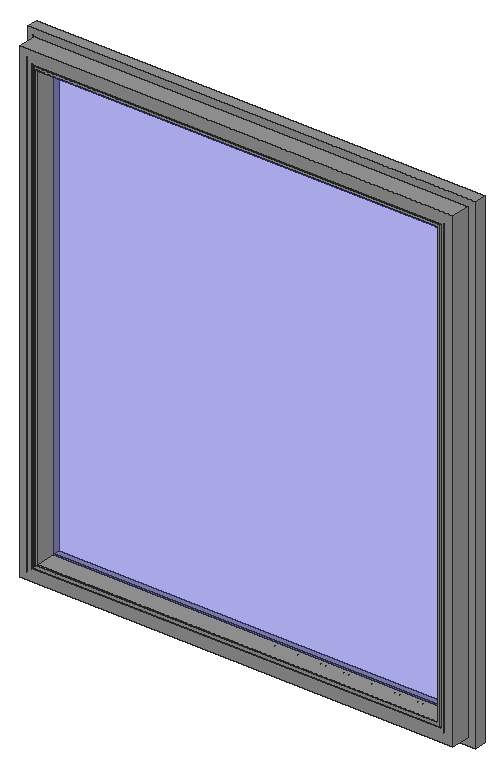
Revit family "Parallel Opening 501.10. 104 - 105", category Windows, Revit 2014
Parameters
  width [instance] = 144.000 cm
  w [instance] = width + 2 * [left/right offset from mullion]  # 147.000 cm
  top/bottom offset from mullion [instance] = 1.500 cm
  left/right offset from mullion [instance] = 1.500 cm
  height [instance] = 158.000 cm
  h [instance] = height + 2 * [top/bottom offset from mullion]  # 161.000 cm
  Opening symbol = no
  Opening angle [instance] = 0.00°
  Glass = none
  Frame = none
Reference planes (cm)
  plane 1 "Center (Front/Right)": y = 0
  plane 2: z = 0
  plane 3 "Center (Left/Right)": x = 0
  plane 4 "Left": x = -72
  plane 5 "Right": x = 72
  plane 6 "Top": z = 158
  plane 7: z = 79
  plane 8: z = 159.5
  plane 9: x = -73.5
  plane 10: x = 73.5
  plane 11: z = -1.5
Lines and regions (cm)
  reference lines
    curve 1: line (0, 0, 159.5) -> (0, 0, -1.5)
    curve 2: line (0, 0, 79) -> (0, 50, 79)
Text (cm)
  text "Exterior" at (-165.4078, 79.7241, 0), in view "Ref. Level"
Dimensions and locks (cm)
  equal spacing: plane 4 "Left", plane 3 "Center (Left/Right)", plane 5 "Right"
  "width": plane 4 "Left" to plane 5 "Right"
  equal spacing: plane 6 "Top", plane 7, plane 2
  "height": plane 6 "Top" to plane 2
  "top/bottom offset from mullion": plane 8 to plane 6 "Top"
  "left/right offset from mullion": plane 9 to plane 4 "Left"
  "left/right offset from mullion": plane 5 "Right" to plane 10
  "top/bottom offset from mullion": plane 2 to plane 11
  "h": curve 1 to curve 1
  equal spacing: curve 1, curve 2, curve 1
  "Opening angle": angle curve 1 to plane 1 "Center (Front/Right)"
  locked: curve 2 to curve 1 (angle 90.00°)
  aligned and locked: level to plane 2
  aligned and locked: plane 3 "Center (Left/Right)" to nested 1
  aligned and locked: plane 7 to nested 1
  aligned and locked: plane 1 "Center (Front/Right)" to nested 1
  aligned and locked: plane 8 to curve 1
  aligned and locked: plane 1 "Center (Front/Right)" to curve 1
  aligned and locked: plane 3 "Center (Left/Right)" to nested 2
  aligned and locked: nested 2 to curve 1
  aligned and locked: nested 2 to curve 2
  aligned and locked: nested 3 to plane 3 "Center (Left/Right)"
  aligned and locked: plane 1 "Center (Front/Right)" to nested 3
  aligned and locked: plane 7 to nested 4
  aligned and locked: nested 4 to plane 1 "Center (Front/Right)"
Nested families (cm)
  nested 1: "Frame" at (0, 0, -1.5), Frame <- "Frame", w <- "w", h <- "h", type "Frame"
    with w 147.000 cm, h 161.000 cm, Frame none
  nested 2: "Vent" at (0, 0, -1.5), Frame <- "Frame", w <- "w", h <- "h", Glass <- "Glass", Opening symbol <- "Opening symbol", type "Vent"
    with w 147.000 cm, h 161.000 cm, Opening symbol no, Glass none, Frame none
  nested 3: "Parallel Opening 501.10. 104 - plan - di - cf" at (0, 0, 0), dist <- "w", type "Parallel Opening 501.10. 104 - plan - di - cf"
    with dist 147.000 cm
  nested 4: "Parallel Opening 501.10. 105 - section - di - cf" at (0, 0, 79) x (0, 0, 1) z (1, 0, 0), dist <- "h", type "Parallel Opening 501.10. 105 - section - di - cf"
    with dist 161.000 cm
Definition of nested family "Frame"
  Parameters (values of type "Frame")
    w [instance] = 180.000 cm
    h [instance] = 153.9328 cm
    Frame [instance] = none
    Default Elevation = 121.920 cm
  Reference planes (cm)
    plane 1 "Center (Front/Back)": y = 0
    plane 2: z = 0
    plane 3 "Center (Left/Right)": x = 0
    plane 4: x = -90
    plane 5: x = 90
    plane 6: z = 153.9328
    plane 7: z = 76.9664
  Forms (cm)
    Sweep 1, solid, material <- "Frame"
      path origin (0, 0, 0) x (1, 0, 0) y (0, 0, 1)
        loop
          line (-90, 153.9328) -> (-90, 0) -> (90, 0) -> (90, 153.9328) -> (-90, 153.9328)
      profile "profile - frame : profile - frame" origin (0, 0, 153.9328) x (0, 0, 1) y (0, -1, 0)
        loop
          line (-2.9639, -0.1994) -> (-1.5003, -0.1994) -> (-1.5003, -3.8) -> (0, -3.8) -> (0, 0) -> (-2.328, 0) -> (-2.328, 6.1702) -> (-6.1465, 6.1702) -> (-6.1465, 5.4202) -> (-6.6477, 5.4202) -> (-6.6477, 6.1702) -> (-7.4877, 6.1702) -> (-7.7877, 5.8702) -> (-7.7877, -0.4004) -> (-6.5877, -0.4004) -> (-6.5877, 0.2996) -> (-3.2664, 0.3292) -> (-3.2664, 0.9896) -> (-2.9639, 0.9896) -> (-2.9639, -0.1994)
        loop
          line (-7.4273, 5.9902) -> (-7.6177, 5.7998) -> (-7.6177, 0.9296) -> (-6.3177, 0.9296) -> (-6.3064, 5.2402) -> (-6.8277, 5.2402) -> (-6.8277, 5.9902) -> (-7.4273, 5.9902)
        loop
          line (-4.398, 5.9902) -> (-5.4077, 5.9902) -> (-5.4077, 5.2206) -> (-6.0977, 5.2206) -> (-6.0977, 0.4896) -> (-4.398, 0.4896) -> (-4.398, 2.8551) -> (-3.998, 2.8551) -> (-3.998, 5.2551) -> (-4.398, 5.2551) -> (-4.398, 5.9902)
  Dimensions and locks (cm)
    equal spacing: plane 5, plane 3 "Center (Left/Right)", plane 4
    "w": plane 5 to plane 4
    equal spacing: plane 6, plane 7, plane 2
    "h": plane 6 to plane 2
    aligned and locked: level to plane 2
    aligned and locked: Sweep 1 sketch curve to plane 6
    aligned and locked: plane 4 to Sweep 1 sketch curve
    aligned and locked: plane 2 to Sweep 1 sketch curve
    aligned and locked: plane 5 to Sweep 1 sketch curve
Definition of nested family "Vent"
  Parameters (values of type "Vent")
    w [instance] = 180.000 cm
    h [instance] = 153.9328 cm
    Opening symbol [instance] = yes
    Glass [instance] = none
    Frame [instance] = none
    Default Elevation = 121.920 cm
  Reference planes (cm)
    plane 1 "Center (Front/Back)": y = 0
    plane 2: z = 0
    plane 3 "Center (Left/Right)": x = 0
    plane 4: x = -90
    plane 5: x = 90
    plane 6: z = 153.9328
    plane 7: z = 76.9664
    plane 8: x = -87.8999
    plane 9: x = -83.4123
    plane 10: y = 3.8
    plane 11: y = 3
    plane 12: y = 1.0004
    plane 13: y = 0.4004
    plane 14: x = 87.8999
    plane 15: x = 83.4123
    plane 16: z = 151.8328
    plane 17: z = 147.3448
    plane 18: z = 2.1
    plane 19: z = 6.588
  Forms (cm)
    Sweep 1, solid, material <- "Frame"
      path origin (0, 0, 0) x (1, 0, 0) y (0, 0, 1)
        loop
          line (-90, 153.9328) -> (-90, 0) -> (90, 0) -> (90, 153.9328) -> (-90, 153.9328)
      profile "profile - vent : profile - vent" origin (0, 0, 153.9328) x (0, 0, 1) y (0, -1, 0)
        loop
          line (-3.951, 0.3231) -> (-6.5877, 0.2996) -> (-6.5877, -1.0004) -> (-7.8472, -1.0004) -> (-7.8472, -3) -> (-3.6491, -3) -> (-3.6491, -2.4079) -> (-2.3775, -2.4079) -> (-2.3775, -0.1994) -> (-3.951, -0.1994) -> (-3.951, 0.3231)
    Extrusion 2, solid, material <- "Glass"
      sketch origin (0, 0, 0) x (1, 0, 0) y (0, 0, 1)
        loop
          line (-87.8999, 151.8328) -> (-87.8999, 2.1) -> (87.8999, 2.1) -> (87.8999, 151.8328) -> (-87.8999, 151.8328)
      from -3 to -3.8
    Extrusion 3, solid, material <- "Glass"
      sketch origin (0, 0, 0) x (1, 0, 0) y (0, 0, 1)
        loop
          line (-83.4123, 147.3451) -> (-83.4123, 6.5877) -> (83.4123, 6.5877) -> (83.4123, 147.3451) -> (-83.4123, 147.3451)
      from -1.0004 to -0.4004
  Lines and regions (cm)
    symbolic lines, visible <- "Opening symbol"
      curve 1: line (-87.8999, 0, 151.8328) -> (0, 0, 2.3775)
      curve 2: line (0, 0, 2.3775) -> (87.8999, 0, 151.8328)
  Dimensions and locks (cm)
    equal spacing: plane 5, plane 3 "Center (Left/Right)", plane 4
    "w": plane 5 to plane 4
    equal spacing: plane 6, plane 7, plane 2
    "h": plane 6 to plane 2
    locked: plane 4 to plane 8 at 2.1001
    locked: plane 4 to plane 9 at 6.5877
    locked: plane 14 to plane 5 at 2.1001
    locked: plane 15 to plane 5 at 6.5877
    locked: plane 1 "Center (Front/Back)" to plane 13 at 0.4004
    locked: plane 1 "Center (Front/Back)" to plane 12 at 1.0004
    locked: plane 1 "Center (Front/Back)" to plane 11 at 3
    locked: plane 1 "Center (Front/Back)" to plane 10 at 3.8
    locked: plane 6 to plane 16 at 2.1
    locked: plane 6 to plane 17 at 6.588
    locked: plane 18 to plane 2 at 2.1
    locked: plane 19 to plane 2 at 6.588
    aligned and locked: level to plane 2
    aligned and locked: Sweep 1 sketch curve to plane 6
    aligned and locked: plane 4 to Sweep 1 sketch curve
    aligned and locked: plane 2 to Sweep 1 sketch curve
    aligned and locked: plane 5 to Sweep 1 sketch curve
    aligned and locked: Extrusion 2 sketch curve to plane 16
    aligned and locked: Extrusion 2 sketch curve to plane 8
    aligned and locked: Extrusion 2 sketch curve to plane 18
    aligned and locked: Extrusion 2 sketch curve to plane 14
    aligned and locked: Extrusion 3 sketch curve to Sweep 1  (x4)
    aligned and locked: Extrusion 2 to Sweep 1
    aligned and locked: Extrusion 2 to plane 10
    aligned and locked: Extrusion 3 to Sweep 1
    aligned and locked: plane 13 to Extrusion 3
    aligned and locked: plane 8 to curve 1
    aligned and locked: plane 3 "Center (Left/Right)" to curve 2
    aligned and locked: plane 14 to curve 2
  Automatic sketch dimensions
    curve 2 to plane 16 = 0.000 cm
    curve 1 to plane 16 = 0.000 cm
    curve 2 to plane 18 = 0.2775 cm
Definition of nested family "Parallel Opening 501.10. 104 - plan - di - cf"
  Parameters (values of type "Parallel Opening 501.10. 104 - plan - di - cf")
    dist [instance] = 100.000 cm
  Reference planes (cm)
    plane 1 "Center (Front/Back)": y = 0
    plane 2: z = 0
    plane 3 "Center (Left/Right)": x = 0
    plane 4: x = -50
    plane 5: x = 50
    plane 6: x = -40.9033
    plane 7: x = 40.9033
    plane 8: y = 6.1702
    plane 9: y = -3.8
  Lines and regions (cm)
    Masking region 1, in view "Ref. Level", detail levels coarse+fine
      outline origin (0, 0, 0) x (1, 0, 0) y (0, 1, 0)
        loop
          line (-50, -3.8) -> (50, -3.8) -> (50, 0) -> (47.672, 0) -> (47.672, 6.1702) -> (-47.672, 6.1702) -> (-47.672, 0) -> (-50, 0) -> (-50, -3.8)
    detail lines, in view "Ref. Level", detail levels fine
      curve 1: line (-40.9033, 6.1702, 0) -> (40.9033, 6.1702, 0)
      curve 2: line (-40.9033, 5.8495, 0) -> (40.9033, 5.8495, 0)
      curve 3: line (-40.9033, 0.2996, 0) -> (40.9033, 0.2996, 0)
      curve 4: line (-40.9033, -0.4004, 0) -> (40.9033, -0.4004, 0)
      curve 5: line (-40.9033, -0.6004, 0) -> (40.9033, -0.6004, 0)
      curve 6: line (-40.9033, -0.8004, 0) -> (40.9033, -0.8004, 0)
      curve 7: line (-40.9033, -1.0004, 0) -> (40.9033, -1.0004, 0)
      curve 8: line (-40.9033, -3, 0) -> (40.9033, -3, 0)
      curve 9: line (-40.9033, -3.2, 0) -> (40.9033, -3.2, 0)
      curve 10: line (-40.9033, -3.4, 0) -> (40.9033, -3.4, 0)
      curve 11: line (-40.9033, -3.6, 0) -> (40.9033, -3.6, 0)
      curve 12: line (-40.9033, -3.8, 0) -> (40.9033, -3.8, 0)
      curve 13: line (-40.9033, 5.8849, 0) -> (40.9033, 5.8849, 0)
  Dimensions and locks (cm)
    equal spacing: plane 4, plane 3 "Center (Left/Right)", plane 5
    "dist": plane 4 to plane 5
    locked: plane 4 to plane 6 at 9.0967
    locked: plane 7 to plane 5 at 9.0967
    locked: plane 1 "Center (Front/Back)" to plane 8 at 6.1702
    locked: plane 9 to plane 1 "Center (Front/Back)" at 3.8
    aligned and locked: plane 4 to import instance
    aligned and locked: plane 6 to curve 1
    aligned and locked: plane 6 to curve 13
    aligned and locked: plane 6 to curve 3
    aligned and locked: plane 6 to curve 4
    aligned and locked: plane 6 to curve 5
    aligned and locked: plane 6 to curve 6
    aligned and locked: plane 6 to curve 7
    aligned and locked: plane 6 to curve 8
    aligned and locked: plane 6 to curve 9
    aligned and locked: plane 6 to curve 10
    aligned and locked: plane 6 to curve 11
    aligned and locked: plane 6 to curve 12
    aligned and locked: plane 7 to curve 1
    aligned and locked: plane 7 to curve 13
    aligned and locked: plane 7 to curve 2
    aligned and locked: plane 7 to curve 3
    aligned and locked: plane 7 to curve 4
    aligned and locked: plane 7 to curve 5
    aligned and locked: plane 7 to curve 6
    aligned and locked: plane 7 to curve 7
    aligned and locked: plane 7 to curve 8
    aligned and locked: plane 7 to curve 9
    aligned and locked: plane 7 to curve 10
    aligned and locked: plane 7 to curve 11
    aligned and locked: plane 7 to curve 12
    aligned and locked: import instance to plane 8
    aligned and locked: plane 8 to import instance
    aligned and locked: Masking region 1 sketch curve to import instance  (x7)
    aligned and locked: Masking region 1 sketch curve to curve 1
    aligned and locked: import instance to plane 5
  Automatic sketch dimensions
    curve 2 to plane 6 = 0.000 cm
    plane 1 "Center (Front/Back)" to curve 12 = 3.800 cm
    curve 12 to curve 11 = 0.200 cm
    curve 11 to curve 10 = 0.200 cm
    curve 10 to curve 9 = 0.200 cm
    curve 9 to curve 8 = 0.200 cm
    plane 1 "Center (Front/Back)" to curve 7 = 1.0004 cm
    curve 7 to curve 6 = 0.200 cm
    curve 6 to curve 5 = 0.200 cm
    curve 5 to curve 4 = 0.200 cm
    curve 3 to plane 1 "Center (Front/Back)" = 0.2996 cm
    curve 3 to curve 2 = 5.5499 cm
    curve 2 to curve 13 = 0.0354 cm
    curve 13 to curve 1 = 0.2854 cm
Definition of nested family "Parallel Opening 501.10. 105 - section - di - cf"
  Parameters (values of type "Parallel Opening 501.10. 105 - section - di - cf")
    dist [instance] = 100.000 cm
  Reference planes (cm)
    plane 1 "Center (Front/Back)": y = 0
    plane 2: z = 0
    plane 3 "Center (Left/Right)": x = 0
    plane 4: x = -50
    plane 5: x = 50
    plane 6: x = -40.9033
    plane 7: x = 40.9033
    plane 8: y = 6.1702
    plane 9: y = -3.8
  Lines and regions (cm)
    Masking region 1, in view "Ref. Level", detail levels coarse+fine
      outline origin (0, 0, 0) x (1, 0, 0) y (0, 1, 0)
        loop
          line (-50, -3.8) -> (50, -3.8) -> (50, 0) -> (47.672, 0) -> (47.672, 6.1702) -> (-47.672, 6.1702) -> (-47.672, 0) -> (-50, 0) -> (-50, -3.8)
    detail lines, in view "Ref. Level", detail levels fine
      curve 1: line (-40.9033, 6.1702, 0) -> (40.9033, 6.1702, 0)
      curve 2: line (-40.9033, 5.8495, 0) -> (40.9033, 5.8495, 0)
      curve 3: line (-40.9033, 0.2996, 0) -> (40.9033, 0.2996, 0)
      curve 4: line (-40.9033, -0.4004, 0) -> (40.9033, -0.4004, 0)
      curve 5: line (-40.9033, -0.6004, 0) -> (40.9033, -0.6004, 0)
      curve 6: line (-40.9033, -0.8004, 0) -> (40.9033, -0.8004, 0)
      curve 7: line (-40.9033, -1.0004, 0) -> (40.9033, -1.0004, 0)
      curve 8: line (-40.9033, -3, 0) -> (40.9033, -3, 0)
      curve 9: line (-40.9033, -3.2, 0) -> (40.9033, -3.2, 0)
      curve 10: line (-40.9033, -3.4, 0) -> (40.9033, -3.4, 0)
      curve 11: line (-40.9033, -3.6, 0) -> (40.9033, -3.6, 0)
      curve 12: line (-40.9033, -3.8, 0) -> (40.9033, -3.8, 0)
      curve 13: line (-40.9033, 5.8849, 0) -> (40.9033, 5.8849, 0)
  Dimensions and locks (cm)
    equal spacing: plane 4, plane 3 "Center (Left/Right)", plane 5
    "dist": plane 4 to plane 5
    locked: plane 4 to plane 6 at 9.0967
    locked: plane 7 to plane 5 at 9.0967
    locked: plane 1 "Center (Front/Back)" to plane 8 at 6.1702
    locked: plane 9 to plane 1 "Center (Front/Back)" at 3.8
    aligned and locked: plane 6 to curve 1
    aligned and locked: plane 6 to curve 13
    aligned and locked: plane 6 to curve 3
    aligned and locked: plane 6 to curve 4
    aligned and locked: plane 6 to curve 5
    aligned and locked: plane 6 to curve 6
    aligned and locked: plane 6 to curve 7
    aligned and locked: plane 6 to curve 8
    aligned and locked: plane 6 to curve 9
    aligned and locked: plane 6 to curve 10
    aligned and locked: plane 6 to curve 11
    aligned and locked: plane 7 to curve 1
    aligned and locked: plane 7 to curve 13
    aligned and locked: plane 7 to curve 2
    aligned and locked: plane 7 to curve 3
    aligned and locked: plane 7 to curve 4
    aligned and locked: plane 7 to curve 5
    aligned and locked: plane 7 to curve 6
    aligned and locked: plane 7 to curve 7
    aligned and locked: plane 7 to curve 8
    aligned and locked: plane 7 to curve 9
    aligned and locked: plane 7 to curve 10
    aligned and locked: plane 7 to curve 11
    aligned and locked: Masking region 1 sketch curve to curve 1
    aligned and locked: plane 4 to import instance
    aligned and locked: import instance to plane 8
    aligned and locked: import instance to plane 5
    aligned and locked: plane 8 to import instance
  Automatic sketch dimensions
    curve 2 to plane 6 = 0.000 cm
    plane 1 "Center (Front/Back)" to curve 12 = 3.800 cm
    curve 12 to curve 11 = 0.200 cm
    curve 11 to curve 10 = 0.200 cm
    curve 10 to curve 9 = 0.200 cm
    curve 9 to curve 8 = 0.200 cm
    plane 1 "Center (Front/Back)" to curve 7 = 1.0004 cm
    curve 7 to curve 6 = 0.200 cm
    curve 6 to curve 5 = 0.200 cm
    curve 5 to curve 4 = 0.200 cm
    curve 3 to plane 1 "Center (Front/Back)" = 0.2996 cm
    curve 3 to curve 2 = 5.5499 cm
    curve 2 to curve 13 = 0.0354 cm
    curve 13 to curve 1 = 0.2854 cm
    plane 1 "Center (Front/Back)" to Masking region 1 sketch curve = 0.000 cm  (x2)
    Masking region 1 sketch curve to plane 4 = 0.000 cm
    plane 9 to Masking region 1 sketch curve = 0.000 cm
    Masking region 1 sketch curve to Masking region 1 sketch curve = 2.328 cm
    Masking region 1 sketch curve to plane 5 = 0.000 cm
    plane 5 to Masking region 1 sketch curve = 2.328 cm
    curve 12 to plane 6 = 0.000 cm
    curve 12 to plane 7 = 0.000 cm
